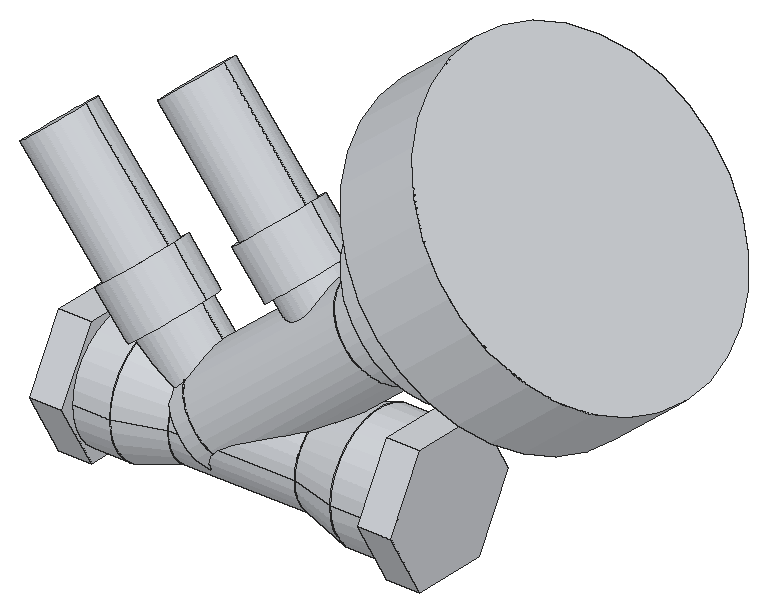
Revit family "D9505-DN10-RFA_2018", category Pipe Accessories, Revit 2018
Family settings
  Round Connector Dimension = Use Diameter
  Part Type = Valve - Breaks Into
  Work Plane-Based = No
  Always vertical = Yes
  Cut with Voids When Loaded = No
  Shared = No
Parameters (values of type "D9505 DN10")
  magiProductId = "f06221e9bc9341508f66871c80ccb9"
  magiProductFamilyId = "283409d322044e8dba8a30d68fed8b"
  magiPartTypeId = 304
  isMeasuringValve [instance] = no
  ang2D [instance] = 0.00°
  W2D = 10 mm
  VersionID = "2.0/2017.10.31.1/VIR_9505_001"
  Use Minimum Symbol Size [instance] = yes
  URL = "http://www.hydronic.cz"
  Type Comments = "závitový; PN25 (-10~+100°C) nebo PN20 (-10~+130°C)"
  RN2 = 13.2 mm
  RN = 15.6 mm
  R7 = 9 mm
  R6 = 7.5 mm
  R5 = 20 mm
  R4 = 11 mm
  R3 = 11 mm
  R2 = 13 mm
  R1 = 10 mm
  QmdConnectorList = "301;D;302;D"
  Productdata [instance] = ""
  NUT1 = no
  Manufacturer = "Hydronic Systems Prague s.r.o."
  MC Product Code = "9505 010 (DN10; PN25 kvs0,97)"
  MC Piping Given Pressure Drop [instance] = 0.0 Pa
  L_2 = 38.5 mm
  L7 = 36 mm
  L6 = 2 mm
  L4 = 10.01 mm
  L3 = 10 mm
  L2__ve = -L2  # -8 mm
  L2D_Min = 3048 mm
  L2D = 77 mm
  L2 = 8 mm
  L1__ve = -L1  # -7 mm
  L1 = 7 mm
  HWR = 35 mm
  H8 = 27.3 mm
  H7 = 10.92 mm
  H6 = 18 mm
  H5 = 13 mm
  H4 = 20 mm
  H3 = 13.859 mm
  H2 = 42 mm
  H1 = 4 mm
  Description = "Ruční vyvažovací ventil závitový; bronzový; DN10; kvs0,97"
  D = 10 mm
  CenSd_RN_6 = RN * cos(30.00°)  # 13.51 mm
  CenSd_RN2_6 = RN2 * cos(30.00°)  # 11.432 mm
  CAT0 = yes
Types (7, lengths in mm): name | magiProductId | RN2 | RN | R4 | R3 | R2 | R1 | MC Product Code | L_2 | L4 | L2__ve | L2 | L1__ve | L1 | H8 | H7 | H6 | H5 | H3 | H2 | H1 | Description | D | CenSd_RN_6 | CenSd_RN2_6
  D9505 DN10 | "f06221e9bc9341508f66871c80ccb9" | 13.2 | 15.6 | 11 | 11 | 13 | 10 | "9505 010 (DN10; PN25 kvs0,97)" | 38.5 | 10.01 | -8 | 8 | -7 | 7 | 27.3 | 10.92 | 18 | 13 | 13.859 | 42 | 4 | "Ruční vyvažovací ventil závitový; bronzový; DN10; kvs0,97" | 10 | 13.51 | 11.432
  D9505 DN15 | "7168eb0cb4024df38c6d32127ca87d" | 14.85 | 17.55 | 12.375 | 12.375 | 14.625 | 11.25 | "9505 015 (DN15; PN25 kvs2,67)" | 45 | 11.7 | -8 | 8 | -8 | 8 | 27 | 10.8 | 19.375 | 14.375 | 12.304 | 41 | 5 | "Ruční vyvažovací ventil závitový; bronzový; DN15; kvs2,67" | 15 | 15.199 | 12.86
  D9505 DN20 | "82f2a7b1fa884f8cafe37fee21fa09" | 16.5 | 19.5 | 13.75 | 13.75 | 16.25 | 12.5 | "9505 020 (DN20; PN25 kvs4,1)" | 51 | 13.26 | -8 | 8 | -9 | 9 | 27 | 10.8 | 20.75 | 15.75 | 12.304 | 40 | 6 | "Ruční vyvažovací ventil závitový; bronzový; DN20; kvs4,1" | 20 | 16.887 | 14.289
  D9505 DN25 | "a5bafb2d780d49b5957b650150642c" | 18.15 | 21.45 | 15.125 | 15.125 | 17.875 | 13.75 | "9505 025 (DN25; PN25 kvs6,4)" | 55 | 14.3 | -9 | 9 | -10 | 10 | 27 | 10.8 | 22.125 | 17.125 | 12.304 | 39 | 7 | "Ruční vyvažovací ventil závitový; bronzový; DN25; kvs6,4" | 25 | 18.576 | 15.718
  D9505 DN32 | "a42dead6f7694bcf97a0a9ce0e311e" | 20.46 | 24.18 | 17 | 17.05 | 20.15 | 15.5 | "9505 032 (DN32; PN25 kvs12,0)" | 60.5 | 15.73 | -9.5 | 9.5 | -11.4 | 11.4 | 34.8 | 13.92 | 24.05 | 19.05 | 52.753 | 38 | 8 | "Ruční vyvažovací ventil závitový; bronzový; DN32; kvs12,0" | 32 | 20.94 | 17.719
  D9505 DN40 | "7d52969a8dcd46c581304e64bff261" | 23.1 | 27.3 | 17 | 19.25 | 22.75 | 17.5 | "9505 040 (DN40; PN25 kvs19,5)" | 71 | 18.46 | -10 | 10 | -13 | 13 | 34.8 | 13.92 | 26.25 | 21.25 | 52.753 | 36 | 10 | "Ruční vyvažovací ventil závitový; bronzový; DN40; kvs19,5" | 40 | 23.642 | 20.005
  D9505 DN50 | "2fc06cc644084f6992b3d357430981" | 26.4 | 31.2 | 17 | 22 | 26 | 20 | "9505 050 (DN50; PN25 kvs29,8)" | 80.5 | 20.93 | -11 | 11 | -15 | 15 | 34.8 | 13.92 | 29 | 24 | 52.753 | 34 | 12 | "Ruční vyvažovací ventil závitový; bronzový; DN50; kvs29,8" | 50 | 27.02 | 22.863
Reference planes
  plane 1 "Center (Front/Back)": y = 0
  plane 2 "XYPLANE": z = 0
  plane 3 "Center (Left/Right)": x = 0
  plane 4 "312": through (-489.037, 0, 577.104) normal (0.766, 0, 0.6428)
  plane 5 "176": through (-599.919, 0, -463.767) normal (-0.6428, 0, 0.766)
  plane 6 "173": through (-596.114, 0, -468.302) normal (-0.6428, 0, 0.766)
  plane 7 "163": x = -10.01
  plane 8 "158": x = 13.5
  plane 9 "157": x = 23.5
  plane 10 "154": x = -13.5
  plane 11 "83": through (-603.133, 0, -459.937) normal (-0.6428, 0, 0.766)
  plane 12 "76": through (-464.523, 0, 597.674) normal (0.766, 0, 0.6428)
  plane 13 "73": through (-592.9, 0, -472.132) normal (-0.6428, 0, 0.766)
  plane 14 "70": through (-584.543, 0, -482.091) normal (-0.6428, 0, 0.766)
  plane 15 "69": y = 0
  plane 16 "68": through (-490.569, 0, 575.819) normal (0.766, 0, 0.6428)
  plane 17 "60": through (-430.925, 0, 625.866) normal (0.766, 0, 0.6428)
  plane 18 "57": through (-446.246, 0, 613.01) normal (0.766, 0, 0.6428)
  plane 19 "54": through (-456.863, 0, 604.102) normal (0.766, 0, 0.6428)
  plane 20 "32": through (-492.101, 0, 574.533) normal (0.766, 0, 0.6428)
  plane 21 "31": y = 0
  plane 22 "30": through (564.523, 0, 482.091) normal (0.6428, 0, -0.766)
  plane 23 "21": x = -23.5
  plane 24 "20": x = 31.5
  plane 25 "19": x = -31.5
  plane 26 "13": x = 0
  plane 27 "11": x = 38.5
  plane 28 "10": x = -38.5
  plane 29 "9": y = 0
  plane 30 "8": z = 0
  plane 31 "65XY": through (-584.543, 0, -482.091) normal (-0.6428, 0, 0.766)
  plane 32 "65XZ": y = 0
  plane 33 "65YZ": through (-492.101, 0, 574.533) normal (0.766, 0, 0.6428)
  plane 34 "27XY": through (-492.101, 0, 574.533) normal (0.766, 0, 0.6428)
  plane 35 "27XZ": y = 0
  plane 36 "27YZ": through (564.523, 0, 482.091) normal (0.6428, 0, -0.766)
Forms (mm)
  Extrusion 1, solid, visible <- "CAT0"
    sketch origin (-492.101, 0, 574.533) x (0.642788, 0, -0.766044) y (0, 1, 0)
      loop
        circle (750, 0) r 11
    from 0 to 4 <- "H1"
  Extrusion 2, solid
    sketch origin (-599.919, 0, -463.767) x (0.766044, 0, 0.642788) y (0, 1, 0)
      loop
        circle (786, 0) r 7.5
    from 0 to 27.3 <- "H8"
  Extrusion 3, solid
    sketch origin (-592.9, 0, -472.132) x (0.766044, 0, 0.642788) y (0, 1, 0)
      loop
        circle (786, 0) r 9
    from 0 to 10.92 <- "H7"
  Extrusion 4, solid
    sketch origin (-456.863, 0, 604.102) x (0.642788, 0, -0.766044) y (0, 1, 0)
      loop
        circle (750, 0) r 11
    from 0 to 13.859 <- "H3"
  Extrusion 5, solid, visible <- "NUT1"
    sketch origin (-456.863, 0, 604.102) x (0.642788, 0, -0.766044) y (0, 1, 0)
      loop
        line (750, 13.2) -> (738.568, 6.6) -> (738.568, -6.6) -> (750, -13.2) -> (761.432, -6.6) -> (761.432, 6.6) -> (750, 13.2)
    from 0 to 7 <- "L1"
  Blend 6, solid, visible <- "CAT0"
    base sketch origin (-13.5, -750, 0) x (0, 1, 0) y (0, 0, 1)
      loop
        circle (750, 0) r 10
    top sketch origin (-13.5, -750, 0) x (0, 1, 0) y (0, 0, 1)
      loop
        circle (750, 0) r 10
    from 0 to 27
  Blend 7, solid
    base sketch origin (23.5, -750, 0) x (0, 1, 0) y (0, 0, 1)
      loop
        circle (750, 0) r 13
    top sketch origin (23.5, -750, 0) x (0, 1, 0) y (0, 0, 1)
      loop
        circle (750, 0) r 10
    from 0 to -10
  Blend 8, solid
    base sketch origin (-23.5, -750, 0) x (0, 1, 0) y (0, 0, 1)
      loop
        circle (750, 0) r 13
    top sketch origin (-23.5, -750, 0) x (0, 1, 0) y (0, 0, 1)
      loop
        circle (750, 0) r 10
    from 0 to 10
  Extrusion 9, solid
    sketch origin (-584.543, 0, -482.091) x (0.766044, 0, 0.642788) y (0, 1, 0)
      loop
        circle (752, 0) r 7.5
    from 0 to 18 <- "H6"
  Extrusion 10, solid
    sketch origin (-603.133, 0, -459.937) x (0.766044, 0, 0.642788) y (0, 1, 0)
      loop
        circle (752, 0) r 7.5
    from 0 to 27.3 <- "H8"
  Extrusion 11, solid
    sketch origin (-584.543, 0, -482.091) x (0.766044, 0, 0.642788) y (0, 1, 0)
      loop
        circle (786, 0) r 7.5
    from 0 to 13 <- "H5"
  Extrusion 12, solid
    sketch origin (-596.114, 0, -468.302) x (0.766044, 0, 0.642788) y (0, 1, 0)
      loop
        circle (752, 0) r 9
    from 0 to 10.92 <- "H7"
  Extrusion 13, solid, visible <- "CAT0"
    sketch origin (-430.925, 0, 625.866) x (0.642788, 0, -0.766044) y (0, 1, 0)
      loop
        circle (750, 0) r 35
    from 0 to 20 <- "H4"
  Extrusion 14, solid
    sketch origin (-446.246, 0, 613.01) x (0.642788, 0, -0.766044) y (0, 1, 0)
      loop
        circle (750, 0) r 20
    from 0 to 20 <- "H4"
  Extrusion 15, solid
    sketch origin (-489.037, 0, 577.104) x (0.642788, 0, -0.766044) y (0, 1, 0)
      loop
        circle (750, 0) r 11
    from 0 to 42 <- "H2"
  Extrusion 16, solid
    sketch origin (31.5, -750, 0) x (0, 1, 0) y (0, 0, 1)
      loop
        circle (750, 0) r 13
    from 0 to -8 <- "L2__ve"
  Extrusion 17, solid
    sketch origin (-31.5, -750, 0) x (0, 1, 0) y (0, 0, 1)
      loop
        circle (750, 0) r 13
    from 0 to 8 <- "L2"
  Extrusion 18, solid
    sketch origin (38.5, -750, 0) x (0, 1, 0) y (0, 0, 1)
      loop
        line (734.4, 0) -> (742.2, -13.51) -> (757.8, -13.51) -> (765.6, 0) -> (757.8, 13.51) -> (742.2, 13.51) -> (734.4, 0)
    from 0 to -7 <- "L1__ve"
  Extrusion 19, solid
    sketch origin (-38.5, -750, 0) x (0, 1, 0) y (0, 0, 1)
      loop
        line (765.6, 0) -> (757.8, 13.51) -> (742.2, 13.51) -> (734.4, 0) -> (742.2, -13.51) -> (757.8, -13.51) -> (765.6, 0)
    from 0 to 7 <- "L1"
  Extrusion 20, solid, not visible
    sketch origin (38.5, -750, 0) x (0, 1, 0) y (0, 0, 1)
      loop
        circle (750, 0) r 10
    from 0 to -10
  Extrusion 21, solid, not visible
    sketch origin (-38.5, -750, 0) x (0, 1, 0) y (0, 0, 1)
      loop
        circle (750, 0) r 10
    from 0 to 10
Lines and regions (mm)
  reference lines, not visible
    curve 1: circle (2, 2, 0) r 1 normal (0, 0, 1)
  reference lines
    curve 2: line (25.228, 0, 29.568) -> (28.902, -3.3, 25.19)
    curve 3: line (25.228, 0, 29.568) -> (25.228, -6.6, 29.568)
    curve 4: line (25.228, 0, 29.568) -> (21.554, -3.3, 33.947)
    curve 5: line (38.5, 0, 0) -> (38.5, 3.9, -6.755)
    curve 6: line (38.5, 0, 0) -> (38.5, 7.8, 0)
    curve 7: line (38.5, 0, 0) -> (38.5, 3.9, 6.755)
    curve 8: line (-38.5, 0, 0) -> (-38.5, -3.9, -6.755)
    curve 9: line (-38.5, 0, 0) -> (-38.5, -7.8, 0)
    curve 10: line (-38.5, 0, 0) -> (-38.5, -3.9, 6.755)
Dimensions and locks
  plane 1 "Center (Front/Back)" to curve 1 = 2 mm
  "H1": plane 20 "32" to plane 4 "312"
  "H7": plane 13 "73" to plane 5 "176"
  "H6": plane 14 "70" to plane 6 "173"
  "L4": plane 26 "13" to plane 7 "163"
  "L3": plane 9 "157" to plane 8 "158"
  "L2": plane 24 "20" to plane 9 "157"
  "L3": plane 23 "21" to plane 10 "154"
  "H7": plane 6 "173" to plane 11 "83"
  "L7": plane 33 "65YZ" to plane 12 "76"
  "H5": plane 14 "70" to plane 13 "73"
  locked: plane 31 "65XY" to plane 14 "70" at 0
  locked: plane 29 "9" to plane 15 "69"
  "L6": plane 33 "65YZ" to plane 16 "68"
  "H4": plane 18 "57" to plane 17 "60"
  "H3": plane 19 "54" to plane 18 "57"
  "H2": plane 4 "312" to plane 19 "54"
  locked: plane 34 "27XY" to plane 20 "32" at 0
  locked: plane 29 "9" to plane 21 "31"
  locked: plane 36 "27YZ" to plane 22 "30"
  "L2": plane 25 "19" to plane 23 "21"
  "L1": plane 27 "11" to plane 24 "20"
  "L1": plane 28 "10" to plane 25 "19"
  locked: plane 3 "Center (Left/Right)" to plane 26 "13"
  "L_2": plane 3 "Center (Left/Right)" to plane 27 "11"
  "L_2": plane 3 "Center (Left/Right)" to plane 28 "10"
  locked: plane 1 "Center (Front/Back)" to plane 29 "9"
  locked: plane 2 "XYPLANE" to plane 30 "8"
  "CenSd_RN2_6": curve 2 to Extrusion 5 sketch curve  (x2)
  "CenSd_RN2_6": curve 3 to Extrusion 5 sketch curve  (x2)
  "CenSd_RN2_6": curve 4 to Extrusion 5 sketch curve  (x2)
  Extrusion 5 sketch curve to Extrusion 5 sketch curve = 0 mm  (x12)
  "CenSd_RN_6": curve 5 to Extrusion 18 sketch curve  (x2)
  "CenSd_RN_6": curve 6 to Extrusion 18 sketch curve  (x2)
  "CenSd_RN_6": curve 7 to Extrusion 18 sketch curve  (x2)
  Extrusion 18 sketch curve to Extrusion 18 sketch curve = 0 mm  (x12)
  "CenSd_RN_6": curve 8 to Extrusion 19 sketch curve  (x2)
  "CenSd_RN_6": curve 9 to Extrusion 19 sketch curve  (x2)
  "CenSd_RN_6": curve 10 to Extrusion 19 sketch curve  (x2)
  Extrusion 19 sketch curve to Extrusion 19 sketch curve = 0 mm  (x12)
  "R3": radius of Extrusion 1 sketch curve
  "R6": radius of Extrusion 2 sketch curve
  "R7": radius of Extrusion 3 sketch curve
  "R4": radius of Extrusion 4 sketch curve
  "R1": radius of Blend 6 sketch curve  (x2)
  "R1": radius of Blend 7 sketch curve
  "R2": radius of Blend 7 sketch curve
  "R1": radius of Blend 8 sketch curve
  "R2": radius of Blend 8 sketch curve
  "R6": radius of Extrusion 9 sketch curve
  "R6": radius of Extrusion 10 sketch curve
  "R6": radius of Extrusion 11 sketch curve
  "R7": radius of Extrusion 12 sketch curve
  "HWR": radius of Extrusion 13 sketch curve
  "R5": radius of Extrusion 14 sketch curve
  "R3": radius of Extrusion 15 sketch curve
  "R2": radius of Extrusion 16 sketch curve
  "R2": radius of Extrusion 17 sketch curve
  locked: curve 3 to curve 2 (angle 60.00°)
  locked: curve 4 to curve 3 (angle 60.00°)
  locked: curve 4 to curve 2 (angle 120.00°)
  locked: curve 6 to curve 5 (angle 60.00°)
  locked: curve 7 to curve 6 (angle 60.00°)
  locked: curve 7 to curve 5 (angle 120.00°)
  locked: curve 9 to curve 8 (angle 60.00°)
  locked: curve 10 to curve 9 (angle 60.00°)
  locked: curve 10 to curve 8 (angle 120.00°)
  aligned and locked: level to plane 2 "XYPLANE"
  aligned and locked: plane 21 "31" to Extrusion 1 sketch curve
  aligned and locked: Extrusion 1 sketch curve to plane 22 "30"
  aligned and locked: Extrusion 2 sketch curve to plane 12 "76"
  aligned and locked: plane 15 "69" to Extrusion 2 sketch curve
  aligned and locked: Extrusion 3 sketch curve to plane 12 "76"
  aligned and locked: plane 15 "69" to Extrusion 3 sketch curve
  aligned and locked: plane 21 "31" to Extrusion 4 sketch curve
  aligned and locked: Extrusion 4 sketch curve to plane 22 "30"
  aligned and locked: curve 2 to plane 22 "30"
  aligned and locked: plane 21 "31" to curve 3
  aligned and locked: Blend 6 sketch curve to plane 29 "9"  (x2)
  aligned and locked: plane 30 "8" to Blend 6 sketch curve  (x2)
  aligned and locked: plane 8 "158" to Blend 6
  aligned and locked: Blend 7 sketch curve to plane 29 "9"  (x2)
  aligned and locked: plane 30 "8" to Blend 7 sketch curve  (x2)
  aligned and locked: Blend 7 to plane 8 "158"
  aligned and locked: Blend 8 sketch curve to plane 29 "9"  (x2)
  aligned and locked: plane 30 "8" to Blend 8 sketch curve  (x2)
  aligned and locked: plane 10 "154" to Blend 8
  aligned and locked: plane 15 "69" to Extrusion 9 sketch curve
  aligned and locked: Extrusion 9 sketch curve to plane 16 "68"
  aligned and locked: plane 15 "69" to Extrusion 10 sketch curve
  aligned and locked: Extrusion 10 sketch curve to plane 16 "68"
  aligned and locked: Extrusion 11 sketch curve to plane 12 "76"
  aligned and locked: plane 15 "69" to Extrusion 11 sketch curve
  aligned and locked: plane 15 "69" to Extrusion 12 sketch curve
  aligned and locked: Extrusion 12 sketch curve to plane 16 "68"
  aligned and locked: plane 21 "31" to Extrusion 13 sketch curve
  aligned and locked: Extrusion 13 sketch curve to plane 22 "30"
  aligned and locked: plane 21 "31" to Extrusion 14 sketch curve
  aligned and locked: Extrusion 14 sketch curve to plane 22 "30"
  aligned and locked: plane 21 "31" to Extrusion 15 sketch curve
  aligned and locked: Extrusion 15 sketch curve to plane 22 "30"
  aligned and locked: Extrusion 16 sketch curve to plane 29 "9"
  aligned and locked: plane 30 "8" to Extrusion 16 sketch curve
  aligned and locked: Extrusion 17 sketch curve to plane 29 "9"
  aligned and locked: plane 30 "8" to Extrusion 17 sketch curve
  aligned and locked: curve 7 to plane 29 "9"
  aligned and locked: plane 30 "8" to curve 7
  aligned and locked: curve 10 to plane 29 "9"
  aligned and locked: plane 30 "8" to curve 10
  aligned and locked: Extrusion 20 sketch curve to plane 29 "9"
  aligned and locked: plane 30 "8" to Extrusion 20 sketch curve
  aligned and locked: Extrusion 21 sketch curve to plane 29 "9"
  aligned and locked: plane 30 "8" to Extrusion 21 sketch curve
Automatic sketch dimensions
  plane 1 "Center (Front/Back)" to Extrusion 20 sketch curve = 10 mm
  plane 1 "Center (Front/Back)" to Extrusion 21 sketch curve = 10 mm
  plane 3 "Center (Left/Right)" to curve 1 = 2 mm
  radius of curve 1 = 1 mm
Connectors
  piping at (-38.5, 0, 0), diameter 10, driven by "D"
    settings: on Extrusion 21, index 1, connector inside diameter 609.6 mm, connector length 0 mm, flow factor 0, pipe flow 0.0 L/s, pressure drop 0.0 Pa, fitting loss kfactor 0, connector angle 0.00°, fixture units 0, engagement length 0 mm, angle of deflection 0.00°, flow configuration 0, flow direction 0, fitting loss method 0, system type 29, joint type 0, gender type 0, connector reference index 2, connector utility 0, adjustable connector no, is connector primary yes, connector description ""
  piping at (38.5, 0, 0), diameter 10, driven by "D"
    settings: on Extrusion 20, index 2, connector inside diameter 609.6 mm, connector length 0 mm, flow factor 0, pipe flow 0.0 L/s, pressure drop 0.0 Pa, fitting loss kfactor 0, connector angle 0.00°, fixture units 0, engagement length 0 mm, angle of deflection 0.00°, flow configuration 0, flow direction 0, fitting loss method 0, system type 29, joint type 0, gender type 0, connector reference index 1, connector utility 0, adjustable connector no, is connector primary no, connector description ""
